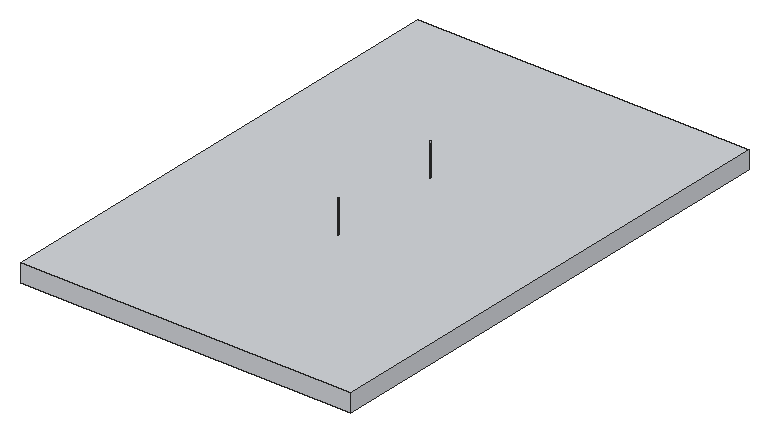
Revit family "V-LENSESxx102xxSWxx", category Leuchten, Revit 2020
Family settings
  Basisbauteil = Fläche
  Bemaßung runder Anschluss = Durchmesser verwenden
  Teiletyp = Normal
  OmniClass-Nummer = 23.80.70.11
  OmniClass-Titel = Luminaries for Internal Lighting
  Beim Laden mit Abzugskörper schneiden = Nein
  Lichtquelle = Ja
  Gemeinsam genutzt = Nein
  Raumberechnungspunkt = Nein
Parameters (values of type "V-LENSES-DI102-7DASW830B0550")
  width = 113 mm  # constant formula
  weight = "2,8"
  voltage type (AC, DC, UC) = "AC"
  suspension hight [instance] = 200 mm
  rated input power = 32
  product name = "V-LENSES-DI102-7DASW830B0550\r\nV-LENSES-DI102-7DASW830B0550"
  nominal voltage = "230"
  nominal frequency = "50-60Hz"
  length = 1024 mm  # constant formula
  ingress protection (IP) code = "IP20"
  height = 83 mm  # constant formula
  electrical safety class = "1"
  control gear = ""
  conformity mark = "CE"  # constant formula
  brand = "RIDI"
  approval mark = ""
  built-in parameter 1150104 = 13.8 (stored number, unit not read)
  Wattage = 33.1556 W
  Von Breite des Rechtecks ausssenden = 1018 mm  # constant formula
  Von Länge des Rechtecks aussenden = 111 mm  # constant formula
  Default Elevation = 0 mm
  built-in parameter 1150113 = 1 (stored number, unit not read)
  built-in parameter 1114218 = 1 (stored number, unit not read)
  URL = "www.ridi.de"
  built-in parameter 1150134 = (empty or 0)
  built-in parameter 1150109 = 1 (stored number, unit not read)
  built-in parameter 1150110 = 1 (stored number, unit not read)
  Apparent Load = 32 VA
  Tilt Angle = 90.00°
  Modell = "1532564SW"
  built-in parameter 1114217 = 1 (stored number, unit not read)
  built-in parameter 1150139 = (empty or 0)
  built-in parameter 1150105 = 1933.4 (stored number, unit not read)
  built-in parameter 1150114 = 1 (stored number, unit not read)
  Lumens = 4925 lm
  built-in parameter 1150115 = 1 (stored number, unit not read)
  built-in parameter 1150112 = 1 (stored number, unit not read)
  Lampe = "LED"
  Hersteller = "RIDI Leuchten GmbH"  # constant formula
  Dimming Lamp Color Temperature Shift = (empty or 0)
  Color Filter = 16777215
  built-in parameter 1150133 = 10 (stored number, unit not read)
  Emit Shape Visible in Rendering = no
  built-in parameter 1150137 = (empty or 0)
  built-in parameter 1150132 = 2
  Datei für fotometrisches Netz = "V-LENSES-DI.IES"
  Copyright = "© RIDI. All rights reserved."  # constant formula
  built-in parameter 1150106 = 19.334 (stored number, unit not read)
  Baugruppenkennzeichen = "D5020200"
  built-in parameter 1150107 = 3000 (stored number, unit not read)
  built-in parameter 1150102 = (empty or 0)
  built-in parameter 1150138 = (empty or 0)
Types (9, lengths in mm): name | weight | rated input power | product name | Wattage | built-in parameter 1150134 | Apparent Load | Modell | built-in parameter 1150105 | Lumens | Datei für fotometrisches Netz | built-in parameter 1150106 | built-in parameter 1150107
  (no name) | "2,8" | 32 | "V-LENSES-DI102-7DASW830B0550\r\nV-LENSES-DI102-7DASW830B0550" | 33.1556 W | (empty or 0) | 32 VA | "1532564SW" | 1933.4 (stored number, unit not read) | 4925 lm | "V-LENSES-DI.IES" | 19.334 (stored number, unit not read) | 3000 (stored number, unit not read)
  V-LENSES-D102-5RFSW830B0400 | "2,6" | 26 | "V-LENSES-D102-5RFSW830B0400\r\nV-LENSES-D102-5RFSW830B0400" | 27.6016 W | (empty or 0) | 26 VA | "1522567SW" | 326.27 (stored number, unit not read) | 4100 lm | "V-LENSES-D.IES" | 3.2627 (stored number, unit not read) | 3000 (stored number, unit not read)
  V-LENSES-D102-5RFSW840B0450 | "2,6" | 26 | "V-LENSES-D102-5RFSW840B0450\r\nV-LENSES-D102-5RFSW830B0400" | 28.948 W | 12 | 26 VA | "1522559SW" | 342.18 (stored number, unit not read) | 4300 lm | "V-LENSES-D.IES" | 3.4218 (stored number, unit not read) | 4000 (stored number, unit not read)
  V-LENSES-D102-7DASW830B0350 | "2,6" | 22 | "V-LENSES-D102-7DASW830B0350\r\nV-LENSES-D102-5RFSW830B0400" | 23.6297 W | (empty or 0) | 22 VA | "1532563SW" | 279.32 (stored number, unit not read) | 3510 lm | "V-LENSES-D.IES" | 2.7932 (stored number, unit not read) | 3000 (stored number, unit not read)
  V-LENSES-D102-7DASW840B0350 | "2,6" | 22 | "V-LENSES-D102-7DASW840B0350\r\nV-LENSES-D102-5RFSW830B0400" | 24.7068 W | 12 | 22 VA | "1532555SW" | 292.05 (stored number, unit not read) | 3670 lm | "V-LENSES-D.IES" | 2.9205 (stored number, unit not read) | 4000 (stored number, unit not read)
  V-LENSES-DI102-5RFSW830B0550 | "2,8" | 37 | "V-LENSES-DI102-5RFSW830B0550" | 37.0266 W | (empty or 0) | 37 VA | "1522568SW" | 2159.1 (stored number, unit not read) | 5500 lm | "V-LENSES-DI.IES" | 21.591 (stored number, unit not read) | 3000 (stored number, unit not read)
  V-LENSES-DI102-5RFSW840B0600 | "2,8" | 37 | "V-LENSES-DI102-5RFSW840B0600\r\nV-LENSES-DI102-5RFSW830B0550" | 39.0462 W | 12 | 37 VA | "1522560SW" | 2276.9 (stored number, unit not read) | 5800 lm | "V-LENSES-DI.IES" | 22.769 (stored number, unit not read) | 4000 (stored number, unit not read)
  V-LENSES-DI102-7DASW830B0550 | "2,8" | 32 | "V-LENSES-DI102-7DASW830B0550\r\nV-LENSES-DI102-7DASW830B0550" | 33.1556 W | (empty or 0) | 32 VA | "1532564SW" | 1933.4 (stored number, unit not read) | 4925 lm | "V-LENSES-DI.IES" | 19.334 (stored number, unit not read) | 3000 (stored number, unit not read)
  V-LENSES-DI102-7DASW840B0550 | "2,8" | 32 | "V-LENSES-DI102-7DASW840B0550\r\nV-LENSES-DI102-7DASW830B0550" | 34.6367 W | 12 | 32 VA | "1532556SW" | 2019.8 (stored number, unit not read) | 5145 lm | "V-LENSES-DI.IES" | 20.198 (stored number, unit not read) | 4000 (stored number, unit not read)
Reference planes
  plane 1 "Mitte (Vorne/hinten)": y = 0
  plane 2: z = 0
  plane 3 "Mitte (Links/rechts)": x = 0
  plane 4: z = 200
Forms (mm)
  Extrusion 1, solid
    sketch origin (219.2, 280.8, 0) x (1, 0, 0) y (0, 1, 0)
      loop
        line (-1219.2, 1219.2) -> (-1219.2, -1780.8) -> (780.8, -1780.8) -> (780.8, 1219.2) -> (-1219.2, 1219.2)
    from 0 to -107.307
  Extrusion 2, solid
    sketch origin (0, 0, 0) x (1, 0, 0) y (0, 1, 0)
      loop
        circle (0, -350) r 2
      loop
        circle (0, 350) r 2
    from 0 to 200.372
Dimensions and locks
  "suspension hight": plane 4 to Extrusion 1
  locked: plane 1 "Mitte (Vorne/hinten)" to Extrusion 2 sketch curve at 350
  locked: Extrusion 2 sketch curve to plane 1 "Mitte (Vorne/hinten)" at 350
  locked: plane 1 "Mitte (Vorne/hinten)" to Extrusion 2 at 350
  locked: Extrusion 2 to plane 1 "Mitte (Vorne/hinten)" at 350
  locked: imposter light to plane 4 at 82.5
  aligned and locked: plane 2 to Extrusion 1
  aligned and locked: imposter light to plane 3 "Mitte (Links/rechts)"
  aligned and locked: import instance to Extrusion 2
  aligned and locked: import instance to plane 4
Automatic sketch dimensions
  Extrusion 1 sketch curve to Extrusion 1 sketch curve = 2000 mm
  Extrusion 1 sketch curve to Extrusion 1 sketch curve = 3000 mm
  Extrusion 2 sketch curve to plane 3 "Mitte (Links/rechts)" = 0 mm  (x2)
  radius of Extrusion 2 sketch curve = 2 mm  (x2)
Connectors
  electrical at (0, -350, 200.372), driven by "Apparent Load"
    settings: on Extrusion 2, index 1, voltage 230 V, apparent load 0 VA, apparent load phase1 32 VA, apparent load phase2 0 VA, apparent load phase3 0 VA, power factor 1, load classification "Lighting", number of poles 1, system type 31, power factor state 1, is connector primary yes, connector utility no, sub classification motor no, connector description ""
